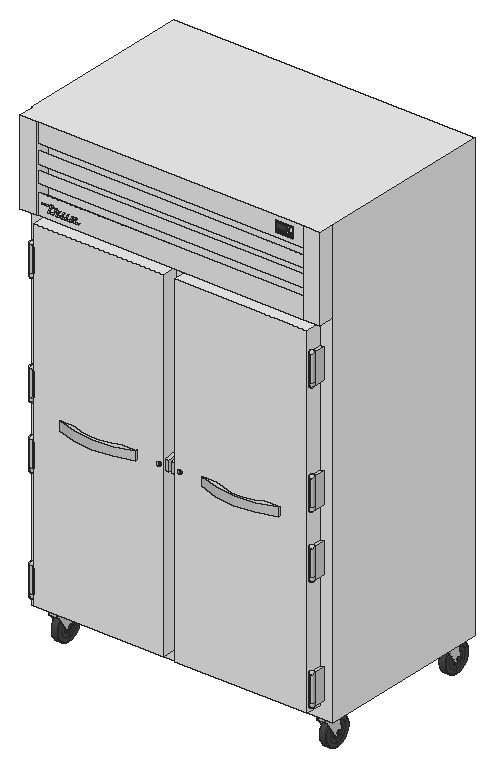
Revit family
Parameters
  Weight in Pounds = 0
  Watts = Volts * FL Amps  # 1334 W
  Volts = 115 V
  URL Cutsheet = "www.truemfg.com"
  URL = "www.truemfg.com"
  Type Mark [instance] = ""
  Type Comments = ""
  Status [instance] = ""
  Specification by User [instance] = ""
  Specification by Manufacturer = ""
  Show Seismic Flanged [instance] = no
  Show Logo [instance] = yes
  Show Legs [instance] = no
  Show Clearance [instance] = yes
  Serial Number = ""
  Seismic Rating = ""
  Seismic Plate [instance] = and(Show Seismic Flanged, not(Show Casters))  # no
  SMACNA No = ""
  Revision Code [instance] = ""
  Phase = 1
  Omniclass Number and Title = ""
  Number of Poles [instance] = 1
  NAFEM Spec ID Number = ""
  Model = "STA2DT-2S"
  Min Ckt Ampacity = 0 A
  Max Overcurrent Protection = 0 A
  Masterspec = ""
  Manufacturer = "TRUE FOOD SERVICE EQUIPMENT, INC."
  Length = 52 5/8"
  Legs [instance] = or(Show Legs, Show Seismic Flanged)  # no
  Item Number [instance] = ""
  Installed By [instance] = ""
  Identify Quantity as Lot [instance] = yes
  Height = 77 3/4"
  HP = ""
  Furnished By [instance] = ""
  Foodservice Equipment Identifier [instance] = yes
  FL Amps = 11.6 A
  Electrical Remarks [instance] = ""
  Electric Connection Type [instance] = ""
  Elec Conn RI Height [instance] = 0"
  Elec Conn Connection Height [instance] = 0"
  Description = "Reach-in Solid Swing Door Dual Temperature Refrigerator/Freezer"
  Depth = 33 3/4"
  Cycle = 60 Hz
  Conn Plug = "5-20P"
  Conn Conduit = yes
  Show Casters [instance] = and(not(if(Show Legs, Show Legs, Show Legs)), not(if(Show Legs, Show Legs, Show Seismic Flanged)))  # yes
  CSI MasterFormat = ""
  CSI Master Format = ""
  Apparent Power = if(Phase = 3, Volts * FL Amps * 1.73, Volts * FL Amps)  # 1334 VA
Reference planes (in)
  plane 1 "BACK": y = 0
  plane 2: z = 0
  plane 3 "LEFT": x = 0
  plane 4 "RIGHT": x = 52.625
  plane 5 "FRONT": y = -33.75
  plane 6 "TOP": z = 84.125
  plane 7: z = 6.125
  plane 8: x = 26.3125
  plane 9: x = 3
  plane 10: x = 49.9375
  plane 11: y = -33.7042
  plane 12: x = 26.46875
Forms (in)
  Extrusion 1, solid, material "QF_Finishes_Chrome - Satin"
    sketch origin (0.05, 0, 0) x (1, 0, 0) y (0, 1, 0)
      loop
        line (-0.05, 0) -> (-0.05, -31) -> (2.35625, -31) -> (2.35625, 0) -> (-0.05, 0)
    from 6.125 to 84.125
  Extrusion 2, solid, material "QF_Finishes_Chrome - Satin"
    sketch origin (50.15, 0, 0) x (1, 0, 0) y (0, 1, 0)
      loop
        line (0.225, 0) -> (0.225, -31) -> (2.475, -31) -> (2.475, 0) -> (0.225, 0)
    from 6.125 to 84.125
  Extrusion 3, solid, material "QF_Finishes_Chrome - Satin"
    sketch origin (0, 0, 0) x (0, 1, 0) y (0, 0, 1)
      loop
        line (-33.7042, 69.5) -> (-31, 69.5) -> (-31, 6.125) -> (0, 6.125) -> (0, 84.125) -> (-33.7042, 84.125) -> (-33.7042, 80.78078) -> (-31.5, 79.21352) -> (-31.5, 78.09125) -> (-33.7042, 79.65851) -> (-33.7042, 77.5248) -> (-31.5, 75.95754) -> (-31.5, 74.99678) -> (-33.7042, 76.56404) -> (-33.7042, 74.46784) -> (-31.5, 72.90057) -> (-31.5, 71.625) -> (-33.7042, 73.19226) -> (-33.7042, 69.5)
    from 2.25 to 50.375
  Extrusion 4, solid, material "QF_Finishes_Chrome - Satin"
    sketch origin (0, 0, 0) x (1, 0, 0) y (0, 1, 0)
      loop
        line (52.54687, -31) -> (49.66032, -31) -> (49.66032, -33.75) -> (52.54687, -33.75) -> (52.54687, -31)
    from 69.5 to 84.125
  Extrusion 5, solid, material "QF_Finishes_Chrome - Satin"
    sketch origin (-50.125, 0, 0.25) x (1, 0, 0) y (0, 1, 0)
      loop
        line (53.20984, -31) -> (50.20312, -31) -> (50.20312, -33.75) -> (53.20984, -33.75) -> (53.20984, -31)
    from 69.25 to 83.875
  Extrusion 6, solid, material "QF_Finishes_Chrome - Satin"
    sketch origin (0, 0, -0.71875) x (1, 0, 0) y (0, 0, 1)
      loop
        line (2.4375, 68.6875) -> (2.4375, 8.75) -> (25.21875, 8.75) -> (25.21875, 68.6875) -> (2.4375, 68.6875)
      loop
        line (50.34375, 68.6875) -> (27.25, 68.6875) -> (27.25, 8.75) -> (50.34375, 8.75) -> (50.34375, 68.6875)
    from 31 to 33.75
  Extrusion 7, solid, material "QF_Finishes_Handrails and Railings"
    sketch origin (85.87188, -0.25, 26.49769) x (1, 0, 0) y (0, 1, 0)
      loop
        line (-53.875, -33.5) -> (-53.875, -33.7)
        arc (-53.875, -33.7) -> (-47.075, -35.14405) -> (-40.275, -33.7) r 16.7325
        line (-40.275, -33.7) -> (-40.275, -33.5) -> (-42.675, -33.5)
        arc (-42.675, -33.5) -> (-47.075, -34.65816) -> (-51.475, -33.5) r 8.93715
        line (-51.475, -33.5) -> (-53.875, -33.5)
    from 10.75231 to 12.25231
  Extrusion 8, solid, material "QF_Finishes_Handrails and Railings"
    sketch origin (1.75, 0, -2) x (1, 0, 0) y (0, 0, 1)
      loop
        circle (22.6875, 40.0625) r 0.35
      loop
        line (22.65235, 40.33635) -> (22.65235, 39.76895) -> (22.70785, 39.76895) -> (22.70785, 40.33635) -> (22.65235, 40.33635)
      loop
        circle (26.3125, 40.0625) r 0.35
      loop
        line (26.34765, 40.33635) -> (26.29215, 40.33635) -> (26.29215, 39.76895) -> (26.34765, 39.76895) -> (26.34765, 40.33635)
    from 33.5 to 33.83066
  Extrusion 9, solid, material "QF_Finishes_Handrails and Railings", visible <- "Show Logo"
    sketch origin (0.33478, 1.08173, -6.73143) x (1, 0, 0) y (0, 0, 1)
      loop
        line (3.61669, 78.46231) -> (3.51103, 78.23573) -> (4.91652, 78.23573)
        arc (4.91652, 78.23573) -> (4.94504, 78.18528) -> (4.91652, 78.13484) r 0.05887
        line (4.91652, 78.13484) -> (4.54994, 77.34872)
        arc (4.54994, 77.34872) -> (4.54676, 77.27591) -> (4.596, 77.22217) r 0.09523
        line (4.596, 77.22217) -> (5.49469, 77.22217)
        arc (5.49469, 77.22217) -> (5.60817, 77.25795) -> (5.68061, 77.35235) r 0.19785
        line (5.68061, 77.35235) -> (5.9691, 77.97101) -> (6.23415, 77.97101)
        arc (6.23415, 77.97101) -> (6.30369, 77.94543) -> (6.29362, 77.87203) r 0.05911
        line (6.29362, 77.87203) -> (6.05223, 77.35437)
        arc (6.05223, 77.35437) -> (6.05599, 77.2684) -> (6.12856, 77.22217) r 0.09318
        line (6.12856, 77.22217) -> (6.91823, 77.22217)
        arc (6.91823, 77.22217) -> (6.97874, 77.24419) -> (7.01093, 77.29995) r 0.09412
        arc (7.01093, 77.29995) -> (7.03371, 77.24495) -> (7.08871, 77.22217) r 0.07778
        line (7.08871, 77.22217) -> (7.58871, 77.22217)
        arc (7.58871, 77.22217) -> (7.64647, 77.23765) -> (7.68876, 77.27993) r 0.11552
        arc (7.68876, 77.27993) -> (7.709, 77.23106) -> (7.75787, 77.21081) r 0.06912
        line (7.75787, 77.21081) -> (8.4685, 77.21081)
        arc (8.4685, 77.21081) -> (8.52659, 77.23488) -> (8.55066, 77.29297) r 0.08216
        arc (8.55066, 77.29297) -> (8.60392, 77.23972) -> (8.67667, 77.22022) r 0.14551
        line (8.67667, 77.22022) -> (10.00783, 77.22022) -> (10.15571, 77.47634) -> (8.81303, 77.47634)
        arc (8.81303, 77.47634) -> (8.77597, 77.50204) -> (8.77459, 77.54711) r 0.05009
        line (8.77459, 77.54711) -> (8.79782, 77.59692)
        arc (8.79782, 77.59692) -> (8.83348, 77.64364) -> (8.88952, 77.66135) r 0.09747
        line (8.88952, 77.66135) -> (9.3211, 77.66135)
        arc (9.3211, 77.66135) -> (9.41425, 77.68631) -> (9.48244, 77.7545) r 0.1863
        line (9.48244, 77.7545) -> (9.60744, 77.97101)
        arc (9.60744, 77.97101) -> (9.60744, 78.08657) -> (9.50736, 78.14434) r 0.11556
        line (9.50736, 78.14434) -> (9.05187, 78.14434)
        arc (9.05187, 78.14434) -> (8.93575, 78.12462) -> (8.85474, 78.03912) r 0.18605
        line (8.85474, 78.03912) -> (8.63829, 77.57493)
        arc (8.63829, 77.57493) -> (8.5744, 77.49167) -> (8.47431, 77.46011) r 0.1745
        line (8.47431, 77.46011) -> (8.00184, 77.46011)
        arc (8.00184, 77.46011) -> (7.94528, 77.52184) -> (7.94893, 77.60548) r 0.10939
        line (7.94893, 77.60548) -> (8.2002, 78.14434) -> (8.04028, 78.14434) -> (7.77406, 77.57344)
        arc (7.77406, 77.57344) -> (7.72234, 77.50603) -> (7.6413, 77.48048) r 0.14128
        line (7.6413, 77.48048) -> (7.3155, 77.48048)
        arc (7.3155, 77.48048) -> (7.26044, 77.55223) -> (7.27225, 77.64189) r 0.11816
        line (7.27225, 77.64189) -> (7.50655, 78.14434) -> (7.34139, 78.14434) -> (7.07171, 77.566)
        arc (7.07171, 77.566) -> (7.0091, 77.50339) -> (6.92358, 77.48048) r 0.17104
        line (6.92358, 77.48048) -> (6.4518, 77.48048)
        arc (6.4518, 77.48048) -> (6.36707, 77.51999) -> (6.35892, 77.61313) r 0.0935
        line (6.35892, 77.61313) -> (6.51399, 77.94569) -> (6.7332, 77.94569)
        arc (6.7332, 77.94569) -> (6.7702, 78.05717) -> (6.84892, 78.14434) r 0.2857
        line (6.84892, 78.14434) -> (5.9923, 78.14434)
        arc (5.9923, 78.14434) -> (5.89711, 78.12324) -> (5.83123, 78.05135) r 0.16212
        line (5.83123, 78.05135) -> (5.59904, 77.55341)
        arc (5.59904, 77.55341) -> (5.54565, 77.50002) -> (5.47272, 77.48048) r 0.14586
        line (5.47272, 77.48048) -> (4.96131, 77.48048)
        arc (4.96131, 77.48048) -> (4.92139, 77.53442) -> (4.92899, 77.60109) r 0.09155
        line (4.92899, 77.60109) -> (5.26643, 78.23573) -> (6.1178, 78.23573) -> (6.22346, 78.46231) -> (5.37209, 78.46231) -> (5.47774, 78.68888) -> (5.17487, 78.68888) -> (5.06922, 78.46231) -> (3.61669, 78.46231)
      loop
        arc (8.9943, 77.93863) -> (8.95744, 77.92875) -> (8.93045, 77.90176) r 0.07373
        line (8.93045, 77.90176) -> (8.90854, 77.83436)
        arc (8.90854, 77.83436) -> (8.9187, 77.80983) -> (8.94324, 77.79966) r 0.0347
        line (8.94324, 77.79966) -> (9.31573, 77.79966)
        arc (9.31573, 77.79966) -> (9.34257, 77.80561) -> (9.36437, 77.82234) r 0.0635
        line (9.36437, 77.82234) -> (9.38249, 77.90622)
        arc (9.38249, 77.90622) -> (9.37716, 77.92868) -> (9.35634, 77.93863) r 0.02676
        line (9.35634, 77.93863) -> (8.9943, 77.93863)
    from 34.76797 to 34.83173
  Extrusion 10, solid
    sketch origin (0, 0, 0) x (1, 0, 0) y (0, 0, 1)
      loop
        circle (49.53125, 82) r 0.25
    from 0 to 0.0625
  Extrusion 11, solid, material "QF_Finishes_Handrails and Railings"
    sketch origin (-33.24688, -0.25, 26.37269) x (1, 0, 0) y (0, 1, 0)
      loop
        line (53.71875, -33.5) -> (51.31875, -33.5)
        arc (51.31875, -33.5) -> (47.075, -34.58228) -> (42.83125, -33.5) r 8.86127
        line (42.83125, -33.5) -> (40.43125, -33.5) -> (40.43125, -33.7)
        arc (40.43125, -33.7) -> (47.075, -35.08117) -> (53.71875, -33.7) r 16.66961
        line (53.71875, -33.7) -> (53.71875, -33.5)
    from 10.87731 to 12.37731
  Blend 12, solid, material "QF_Finishes_Handrails and Railings"
    base sketch origin (-0.03125, 0, 0) x (1, 0, 0) y (0, 0, 1)
      loop
        line (25.25, 38.99169) -> (25.25, 37.24169) -> (26, 37.24169) -> (26, 38.99169) -> (25.25, 38.99169)
    top sketch origin (-0.03125, 0, 0) x (1, 0, 0) y (0, 0, 1)
      loop
        line (26.18223, 36.6441) -> (26.18223, 39.42643) -> (25.25, 39.42643) -> (25.25, 36.6441) -> (26.18223, 36.6441)
    from 33.57883 to 31
  Blend 13, solid, material "QF_Finishes_Handrails and Railings"
    base sketch origin (52.5, 0, 0) x (-1, 0, 0) y (0, 0, -1)
      loop
        line (25.25, -38.99169) -> (26, -38.99169) -> (26, -37.24169) -> (25.25, -37.24169) -> (25.25, -38.99169)
    top sketch origin (52.5, 0, 0) x (-1, 0, 0) y (0, 0, -1)
      loop
        line (26.18223, -36.6441) -> (25.25, -36.6441) -> (25.25, -39.42643) -> (26.18223, -39.42643) -> (26.18223, -36.6441)
    from 33.57883 to 31
  Extrusion 14, solid, material "QF_Finishes_Handrails and Railings"
    sketch origin (1.28125, 0, 0) x (0, 1, 0) y (0, 0, 1)
      loop
        line (-31, 64.55229) -> (-32.61044, 64.55229)
        arc (-32.61044, 64.55229) -> (-32.75506, 64.49238) -> (-32.81497, 64.34776) r 0.20453
        line (-32.81497, 64.34776) -> (-32.81497, 59.94848) -> (-33.25, 59.94848) -> (-33.25, 59.23627) -> (-31, 59.23627) -> (-31, 64.55229)
    from 0.17506 to 1
  Revolve 15, solid, material "QF_Finishes_Handrails and Railings"
    sketch origin (1.78125, 0, 0) x (0, 1, 0) y (0, 0, 1)
      loop
        line (-33.26563, 60.00189) -> (-33.26563, 64.81483)
        arc (-33.26563, 64.81483) -> (-33.53722, 64.72557) -> (-33.67229, 64.4736) r 0.3848
        line (-33.67229, 64.4736) -> (-33.67229, 60.00189) -> (-33.26563, 60.00189)
      loop
        line (-33.26563, 59.94848) -> (-33.67229, 59.94848) -> (-33.67229, 59.37712)
        arc (-33.67229, 59.37712) -> (-33.53264, 59.13383) -> (-33.26563, 59.04781) r 0.38884
        line (-33.26563, 59.04781) -> (-33.26563, 59.94848)
      axis (-33.26563, 59.04781) -> (-33.26563, 64.81483)
    angle from 0 to 360
  Extrusion 16, solid, material "QF_Finishes_Handrails and Railings"
    sketch origin (-0.03125, 0, 0) x (1, 0, 0) y (0, 0, 1)
      loop
        line (2.07116, 64.4736) -> (2.07116, 60.00079) -> (2.46875, 60.00079) -> (2.46875, 64.4736) -> (2.07116, 64.4736)
    from 32.81497 to 33.59495
  Extrusion 17, solid, material "QF_Finishes_Handrails and Railings"
    sketch origin (1.28125, 0, -19.5) x (0, 1, 0) y (0, 0, 1)
      loop
        line (-31, 64.55229) -> (-32.61044, 64.55229)
        arc (-32.61044, 64.55229) -> (-32.75506, 64.49238) -> (-32.81497, 64.34776) r 0.20453
        line (-32.81497, 64.34776) -> (-32.81497, 59.94848) -> (-33.25, 59.94848) -> (-33.25, 59.23627) -> (-31, 59.23627) -> (-31, 64.55229)
    from 0.17506 to 1
  Revolve 18, solid, material "QF_Finishes_Handrails and Railings"
    sketch origin (1.78125, 0, -19.5) x (0, 1, 0) y (0, 0, 1)
      loop
        line (-33.26563, 60.00189) -> (-33.26563, 64.81483)
        arc (-33.26563, 64.81483) -> (-33.53722, 64.72557) -> (-33.67229, 64.4736) r 0.3848
        line (-33.67229, 64.4736) -> (-33.67229, 60.00189) -> (-33.26563, 60.00189)
      loop
        line (-33.26563, 59.94848) -> (-33.67229, 59.94848) -> (-33.67229, 59.37712)
        arc (-33.67229, 59.37712) -> (-33.53264, 59.13383) -> (-33.26563, 59.04781) r 0.38884
        line (-33.26563, 59.04781) -> (-33.26563, 59.94848)
      axis (-33.26563, 59.04781) -> (-33.26563, 64.81483)
    angle from 0 to 360
  Extrusion 19, solid, material "QF_Finishes_Handrails and Railings"
    sketch origin (-0.03125, 0, -19.5) x (1, 0, 0) y (0, 0, 1)
      loop
        line (2.07116, 64.4736) -> (2.07116, 60.00079) -> (2.46875, 60.00079) -> (2.46875, 64.4736) -> (2.07116, 64.4736)
    from 32.81497 to 33.59495
  Extrusion 20, solid, material "QF_Finishes_Handrails and Railings"
    sketch origin (1.28125, 0, -30.5) x (0, 1, 0) y (0, 0, 1)
      loop
        line (-31, 64.55229) -> (-32.61044, 64.55229)
        arc (-32.61044, 64.55229) -> (-32.75506, 64.49238) -> (-32.81497, 64.34776) r 0.20453
        line (-32.81497, 64.34776) -> (-32.81497, 59.94848) -> (-33.25, 59.94848) -> (-33.25, 59.23627) -> (-31, 59.23627) -> (-31, 64.55229)
    from 0.17506 to 1
  Revolve 21, solid, material "QF_Finishes_Handrails and Railings"
    sketch origin (1.78125, 0, -30.5) x (0, 1, 0) y (0, 0, 1)
      loop
        line (-33.26563, 60.00189) -> (-33.26563, 64.81483)
        arc (-33.26563, 64.81483) -> (-33.53722, 64.72557) -> (-33.67229, 64.4736) r 0.3848
        line (-33.67229, 64.4736) -> (-33.67229, 60.00189) -> (-33.26563, 60.00189)
      loop
        line (-33.26563, 59.94848) -> (-33.67229, 59.94848) -> (-33.67229, 59.37712)
        arc (-33.67229, 59.37712) -> (-33.53264, 59.13383) -> (-33.26563, 59.04781) r 0.38884
        line (-33.26563, 59.04781) -> (-33.26563, 59.94848)
      axis (-33.26563, 59.04781) -> (-33.26563, 64.81483)
    angle from 0 to 360
  Extrusion 22, solid, material "QF_Finishes_Handrails and Railings"
    sketch origin (-0.03125, 0, -30.5) x (1, 0, 0) y (0, 0, 1)
      loop
        line (2.07116, 64.4736) -> (2.07116, 60.00079) -> (2.46875, 60.00079) -> (2.46875, 64.4736) -> (2.07116, 64.4736)
    from 32.81497 to 33.59495
  Extrusion 23, solid, material "QF_Finishes_Handrails and Railings"
    sketch origin (1.28125, 0, -50.25) x (0, 1, 0) y (0, 0, 1)
      loop
        line (-31, 64.55229) -> (-32.61044, 64.55229)
        arc (-32.61044, 64.55229) -> (-32.75506, 64.49238) -> (-32.81497, 64.34776) r 0.20453
        line (-32.81497, 64.34776) -> (-32.81497, 59.94848) -> (-33.25, 59.94848) -> (-33.25, 59.23627) -> (-31, 59.23627) -> (-31, 64.55229)
    from 0.17506 to 1
  Revolve 24, solid, material "QF_Finishes_Handrails and Railings"
    sketch origin (1.78125, 0, -50.25) x (0, 1, 0) y (0, 0, 1)
      loop
        line (-33.26563, 60.00189) -> (-33.26563, 64.81483)
        arc (-33.26563, 64.81483) -> (-33.53722, 64.72557) -> (-33.67229, 64.4736) r 0.3848
        line (-33.67229, 64.4736) -> (-33.67229, 60.00189) -> (-33.26563, 60.00189)
      loop
        line (-33.26563, 59.94848) -> (-33.67229, 59.94848) -> (-33.67229, 59.37712)
        arc (-33.67229, 59.37712) -> (-33.53264, 59.13383) -> (-33.26563, 59.04781) r 0.38884
        line (-33.26563, 59.04781) -> (-33.26563, 59.94848)
      axis (-33.26563, 59.04781) -> (-33.26563, 64.81483)
    angle from 0 to 360
  Extrusion 25, solid, material "QF_Finishes_Handrails and Railings"
    sketch origin (-0.03125, 0, -50.25) x (1, 0, 0) y (0, 0, 1)
      loop
        line (2.07116, 64.4736) -> (2.07116, 60.00079) -> (2.46875, 60.00079) -> (2.46875, 64.4736) -> (2.07116, 64.4736)
    from 32.81497 to 33.59495
  Extrusion 26, solid, material "QF_Finishes_Handrails and Railings"
    sketch origin (51.1875, 0, 0) x (0, 1, 0) y (0, 0, -1)
      loop
        line (-31, -64.55229) -> (-31, -59.23627) -> (-33.25, -59.23627) -> (-33.25, -59.94848) -> (-32.81497, -59.94848) -> (-32.81497, -64.34776)
        arc (-32.81497, -64.34776) -> (-32.75506, -64.49238) -> (-32.61044, -64.55229) r 0.20453
        line (-32.61044, -64.55229) -> (-31, -64.55229)
    from 0.17506 to 1
  Revolve 27, solid, material "QF_Finishes_Handrails and Railings"
    sketch origin (50.6875, 0, 0) x (0, 1, 0) y (0, 0, -1)
      loop
        line (-33.26563, -60.00189) -> (-33.67229, -60.00189) -> (-33.67229, -64.4736)
        arc (-33.67229, -64.4736) -> (-33.53722, -64.72557) -> (-33.26563, -64.81483) r 0.3848
        line (-33.26563, -64.81483) -> (-33.26563, -60.00189)
      loop
        line (-33.26563, -59.94848) -> (-33.26563, -59.04781)
        arc (-33.26563, -59.04781) -> (-33.53264, -59.13383) -> (-33.67229, -59.37712) r 0.38884
        line (-33.67229, -59.37712) -> (-33.67229, -59.94848) -> (-33.26563, -59.94848)
      axis (-33.26563, -59.04781) -> (-33.26563, -64.81483)
    angle from 0 to 360
  Extrusion 28, solid, material "QF_Finishes_Handrails and Railings"
    sketch origin (52.5, 0, 0) x (-1, 0, 0) y (0, 0, -1)
      loop
        line (1.75866, -64.4736) -> (2.15625, -64.4736) -> (2.15625, -60.00079) -> (1.75866, -60.00079) -> (1.75866, -64.4736)
    from 32.81497 to 33.59495
  Extrusion 29, solid, material "QF_Finishes_Handrails and Railings"
    sketch origin (51.1875, 0, -19.5) x (0, 1, 0) y (0, 0, -1)
      loop
        line (-31, -64.55229) -> (-31, -59.23627) -> (-33.25, -59.23627) -> (-33.25, -59.94848) -> (-32.81497, -59.94848) -> (-32.81497, -64.34776)
        arc (-32.81497, -64.34776) -> (-32.75506, -64.49238) -> (-32.61044, -64.55229) r 0.20453
        line (-32.61044, -64.55229) -> (-31, -64.55229)
    from 0.17506 to 1
  Revolve 30, solid, material "QF_Finishes_Handrails and Railings"
    sketch origin (50.6875, 0, -19.5) x (0, 1, 0) y (0, 0, -1)
      loop
        line (-33.26563, -60.00189) -> (-33.67229, -60.00189) -> (-33.67229, -64.4736)
        arc (-33.67229, -64.4736) -> (-33.53722, -64.72557) -> (-33.26563, -64.81483) r 0.3848
        line (-33.26563, -64.81483) -> (-33.26563, -60.00189)
      loop
        line (-33.26563, -59.94848) -> (-33.26563, -59.04781)
        arc (-33.26563, -59.04781) -> (-33.53264, -59.13383) -> (-33.67229, -59.37712) r 0.38884
        line (-33.67229, -59.37712) -> (-33.67229, -59.94848) -> (-33.26563, -59.94848)
      axis (-33.26563, -59.04781) -> (-33.26563, -64.81483)
    angle from 0 to 360
  Extrusion 31, solid, material "QF_Finishes_Handrails and Railings"
    sketch origin (52.5, 0, -19.5) x (-1, 0, 0) y (0, 0, -1)
      loop
        line (1.75866, -64.4736) -> (2.15625, -64.4736) -> (2.15625, -60.00079) -> (1.75866, -60.00079) -> (1.75866, -64.4736)
    from 32.81497 to 33.59495
  Extrusion 32, solid, material "QF_Finishes_Handrails and Railings"
    sketch origin (51.1875, 0, -30.5) x (0, 1, 0) y (0, 0, -1)
      loop
        line (-31, -64.55229) -> (-31, -59.23627) -> (-33.25, -59.23627) -> (-33.25, -59.94848) -> (-32.81497, -59.94848) -> (-32.81497, -64.34776)
        arc (-32.81497, -64.34776) -> (-32.75506, -64.49238) -> (-32.61044, -64.55229) r 0.20453
        line (-32.61044, -64.55229) -> (-31, -64.55229)
    from 0.17506 to 1
  Revolve 33, solid, material "QF_Finishes_Handrails and Railings"
    sketch origin (50.6875, 0, -30.5) x (0, 1, 0) y (0, 0, -1)
      loop
        line (-33.26563, -60.00189) -> (-33.67229, -60.00189) -> (-33.67229, -64.4736)
        arc (-33.67229, -64.4736) -> (-33.53722, -64.72557) -> (-33.26563, -64.81483) r 0.3848
        line (-33.26563, -64.81483) -> (-33.26563, -60.00189)
      loop
        line (-33.26563, -59.94848) -> (-33.26563, -59.04781)
        arc (-33.26563, -59.04781) -> (-33.53264, -59.13383) -> (-33.67229, -59.37712) r 0.38884
        line (-33.67229, -59.37712) -> (-33.67229, -59.94848) -> (-33.26563, -59.94848)
      axis (-33.26563, -59.04781) -> (-33.26563, -64.81483)
    angle from 0 to 360
  Extrusion 34, solid, material "QF_Finishes_Handrails and Railings"
    sketch origin (52.5, 0, -30.5) x (-1, 0, 0) y (0, 0, -1)
      loop
        line (1.75866, -64.4736) -> (2.15625, -64.4736) -> (2.15625, -60.00079) -> (1.75866, -60.00079) -> (1.75866, -64.4736)
    from 32.81497 to 33.59495
  Extrusion 35, solid, material "QF_Finishes_Handrails and Railings"
    sketch origin (51.1875, 0, -50.25) x (0, 1, 0) y (0, 0, -1)
      loop
        line (-31, -64.55229) -> (-31, -59.23627) -> (-33.25, -59.23627) -> (-33.25, -59.94848) -> (-32.81497, -59.94848) -> (-32.81497, -64.34776)
        arc (-32.81497, -64.34776) -> (-32.75506, -64.49238) -> (-32.61044, -64.55229) r 0.20453
        line (-32.61044, -64.55229) -> (-31, -64.55229)
    from 0.17506 to 1
  Revolve 36, solid, material "QF_Finishes_Handrails and Railings"
    sketch origin (50.6875, 0, -50.25) x (0, 1, 0) y (0, 0, -1)
      loop
        line (-33.26563, -60.00189) -> (-33.67229, -60.00189) -> (-33.67229, -64.4736)
        arc (-33.67229, -64.4736) -> (-33.53722, -64.72557) -> (-33.26563, -64.81483) r 0.3848
        line (-33.26563, -64.81483) -> (-33.26563, -60.00189)
      loop
        line (-33.26563, -59.94848) -> (-33.26563, -59.04781)
        arc (-33.26563, -59.04781) -> (-33.53264, -59.13383) -> (-33.67229, -59.37712) r 0.38884
        line (-33.67229, -59.37712) -> (-33.67229, -59.94848) -> (-33.26563, -59.94848)
      axis (-33.26563, -59.04781) -> (-33.26563, -64.81483)
    angle from 0 to 360
  Extrusion 37, solid, material "QF_Finishes_Handrails and Railings"
    sketch origin (52.5, 0, -50.25) x (-1, 0, 0) y (0, 0, -1)
      loop
        line (1.75866, -64.4736) -> (2.15625, -64.4736) -> (2.15625, -60.00079) -> (1.75866, -60.00079) -> (1.75866, -64.4736)
    from 32.81497 to 33.59495
  Revolve 38, solid, material "QF_Finishes_Black", visible <- "Show Casters"
    sketch origin (47.78125, -27.375, 0) x (1, 0, 0) y (0, 0, 1)
      loop
        line (1.63125, 5) -> (1.53125, 4.9) -> (1.53125, 4.29941) -> (1.69226, 4.29941) -> (1.69226, 3.54941) -> (1.53125, 3.54941) -> (1.53125, 2.79941) -> (1.13125, 2.79941) -> (1.13125, 2.5) -> (3.18125, 2.5) -> (3.18125, 2.79941) -> (2.78533, 2.79941) -> (2.78533, 3.54941) -> (2.62024, 3.54941) -> (2.62024, 4.29941) -> (2.78533, 4.29941) -> (2.78533, 4.89592) -> (2.68125, 5) -> (1.63125, 5)
      axis (3.18125, 2.5) -> (1.13125, 2.5)
    angle from 0 to 360
  Extrusion 39, solid, material "QF_Finishes_Handrails and Railings", visible <- "Show Casters"
    sketch origin (47.78125, 0, 0) x (0, 1, 0) y (0, 0, 1)
      loop
        line (-29.95136, 5.48574) -> (-29.95136, 4.88089) -> (-29.70136, 4.88089) -> (-27.95216, 2.18736)
        arc (-27.95216, 2.18736) -> (-27.23883, 1.94868) -> (-26.84581, 2.59003) r 0.60416
        line (-26.84581, 2.59003) -> (-27.20136, 5.48574) -> (-29.95136, 5.48574)
      loop
        line (-3.8577, 5.48574) -> (-3.8577, 4.88089) -> (-3.6077, 4.88089) -> (-1.8585, 2.18736)
        arc (-1.8585, 2.18736) -> (-1.14517, 1.94868) -> (-0.75215, 2.59003) r 0.60416
        line (-0.75215, 2.59003) -> (-1.1077, 5.48574) -> (-3.8577, 5.48574)
    from 1.175 to 1.325
  Extrusion 40, solid, material "QF_Finishes_Handrails and Railings", visible <- "Show Casters"
    sketch origin (49.28125, 0, 0) x (0, 1, 0) y (0, 0, 1)
      loop
        line (-29.95136, 5.48574) -> (-29.95136, 4.88089) -> (-29.70136, 4.88089) -> (-27.95216, 2.18736)
        arc (-27.95216, 2.18736) -> (-27.23883, 1.94868) -> (-26.84581, 2.59003) r 0.60416
        line (-26.84581, 2.59003) -> (-27.20136, 5.48574) -> (-29.95136, 5.48574)
      loop
        line (-3.8577, 5.48574) -> (-3.8577, 4.88089) -> (-3.6077, 4.88089) -> (-1.8585, 2.18736)
        arc (-1.8585, 2.18736) -> (-1.14517, 1.94868) -> (-0.75215, 2.59003) r 0.60416
        line (-0.75215, 2.59003) -> (-1.1077, 5.48574) -> (-3.8577, 5.48574)
    from 1.175 to 1.325
  Revolve 41, solid, material "QF_Finishes_Chrome - Satin", visible <- "Show Casters"
    sketch origin (47.78125, -28.5625, -0.5) x (1, 0, 0) y (0, 0, 1)
      loop
        line (2.15625, 5.99546) -> (2.15625, 6.62359) -> (0.85918, 6.62359) -> (0.85918, 5.99546) -> (2.15625, 5.99546)
      axis (2.15625, 5.99546) -> (2.15625, 6.62359)
    angle from 0 to 360
  Revolve 42, solid, material "QF_Finishes_Chrome - Satin", visible <- "Legs"
    sketch origin (47.78125, -2.69102, 0) x (1, 0, 0) y (0, 0, 1)
      loop
        line (2.15625, 6.125) -> (0.82287, 6.125) -> (1.40625, 1) -> (1.65625, 1) -> (1.65625, 0) -> (2.15625, 0) -> (2.15625, 6.125)
      axis (2.15625, 0) -> (2.15625, 6.125)
    angle from 0 to 360
  Revolve 43, solid, material "QF_Finishes_Chrome - Satin", visible <- "Legs"
    sketch origin (47.78125, -28.65977, 0) x (1, 0, 0) y (0, 0, 1)
      loop
        line (2.15625, 6.125) -> (0.82287, 6.125) -> (1.40625, 1) -> (1.65625, 1) -> (1.65625, 0) -> (2.15625, 0) -> (2.15625, 6.125)
      axis (2.15625, 0) -> (2.15625, 6.125)
    angle from 0 to 360
  Revolve 44, solid, material "QF_Finishes_Chrome - Satin", visible <- "Show Casters"
    sketch origin (47.78125, -2.70321, -0.5) x (1, 0, 0) y (0, 0, 1)
      loop
        line (2.15625, 5.99546) -> (2.15625, 6.62359) -> (0.85918, 6.62359) -> (0.85918, 5.99546) -> (2.15625, 5.99546)
      axis (2.15625, 5.99546) -> (2.15625, 6.62359)
    angle from 0 to 360
  Extrusion 45, solid, material "QF_Finishes_Handrails and Railings", visible <- "Show Casters"
    sketch origin (0, 0, 0) x (0, 1, 0) y (0, 0, 1)
      loop
        line (-29.95136, 5.48574) -> (-29.95136, 4.88089) -> (-29.70136, 4.88089) -> (-27.16533, 5.19227) -> (-27.20136, 5.48574) -> (-29.95136, 5.48574)
      loop
        line (-3.8577, 5.48574) -> (-3.8577, 4.88089) -> (-3.6077, 4.88089) -> (-1.07167, 5.19227) -> (-1.1077, 5.48574) -> (-3.8577, 5.48574)
    from 49.10625 to 50.45625
  Revolve 46, solid, material "QF_Finishes_Black", visible <- "Show Casters"
    sketch origin (47.78125, -1.21875, 0) x (1, 0, 0) y (0, 0, 1)
      loop
        line (1.63125, 5) -> (1.53125, 4.9) -> (1.53125, 4.29941) -> (1.69226, 4.29941) -> (1.69226, 3.54941) -> (1.53125, 3.54941) -> (1.53125, 2.79941) -> (1.13125, 2.79941) -> (1.13125, 2.5) -> (3.18125, 2.5) -> (3.18125, 2.79941) -> (2.78533, 2.79941) -> (2.78533, 3.54941) -> (2.62024, 3.54941) -> (2.62024, 4.29941) -> (2.78533, 4.29941) -> (2.78533, 4.89592) -> (2.68125, 5) -> (1.63125, 5)
      axis (3.18125, 2.5) -> (1.13125, 2.5)
    angle from 0 to 360
  Revolve 47, solid, material "QF_Finishes_Black", visible <- "Show Casters"
    sketch origin (0.84375, -27.375, 0) x (1, 0, 0) y (0, 0, 1)
      loop
        line (1.63125, 5) -> (1.53125, 4.9) -> (1.53125, 4.29941) -> (1.69226, 4.29941) -> (1.69226, 3.54941) -> (1.53125, 3.54941) -> (1.53125, 2.79941) -> (0.975, 2.79941) -> (0.975, 2.5) -> (3.18125, 2.5) -> (3.18125, 2.79941) -> (2.78533, 2.79941) -> (2.78533, 3.54941) -> (2.62024, 3.54941) -> (2.62024, 4.29941) -> (2.78533, 4.29941) -> (2.78533, 4.89592) -> (2.68125, 5) -> (1.63125, 5)
      axis (3.18125, 2.5) -> (0.975, 2.5)
    angle from 0 to 360
  Extrusion 48, solid, material "QF_Finishes_Handrails and Railings", visible <- "Show Casters"
    sketch origin (0.84375, 0, 0) x (0, 1, 0) y (0, 0, 1)
      loop
        line (-29.95136, 5.48574) -> (-29.95136, 4.88089) -> (-29.70136, 4.88089) -> (-27.95216, 2.18736)
        arc (-27.95216, 2.18736) -> (-27.23883, 1.94868) -> (-26.84581, 2.59003) r 0.60416
        line (-26.84581, 2.59003) -> (-27.20136, 5.48574) -> (-29.95136, 5.48574)
      loop
        line (-3.8577, 5.48574) -> (-3.8577, 4.88089) -> (-3.6077, 4.88089) -> (-1.8585, 2.18736)
        arc (-1.8585, 2.18736) -> (-1.14517, 1.94868) -> (-0.75215, 2.59003) r 0.60416
        line (-0.75215, 2.59003) -> (-1.1077, 5.48574) -> (-3.8577, 5.48574)
    from 1.175 to 1.325
  Extrusion 49, solid, material "QF_Finishes_Handrails and Railings", visible <- "Show Casters"
    sketch origin (2.34375, 0, 0) x (0, 1, 0) y (0, 0, 1)
      loop
        line (-29.95136, 5.48574) -> (-29.95136, 4.88089) -> (-29.70136, 4.88089) -> (-27.95216, 2.18736)
        arc (-27.95216, 2.18736) -> (-27.23883, 1.94868) -> (-26.84581, 2.59003) r 0.60416
        line (-26.84581, 2.59003) -> (-27.20136, 5.48574) -> (-29.95136, 5.48574)
      loop
        line (-3.8577, 5.48574) -> (-3.8577, 4.88089) -> (-3.6077, 4.88089) -> (-1.8585, 2.18736)
        arc (-1.8585, 2.18736) -> (-1.14517, 1.94868) -> (-0.75215, 2.59003) r 0.60416
        line (-0.75215, 2.59003) -> (-1.1077, 5.48574) -> (-3.8577, 5.48574)
    from 1.175 to 1.325
  Revolve 50, solid, material "QF_Finishes_Chrome - Satin", visible <- "Show Casters"
    sketch origin (0.84375, -28.5625, -0.5) x (1, 0, 0) y (0, 0, 1)
      loop
        line (2.15625, 5.99546) -> (2.15625, 6.62359) -> (0.85918, 6.62359) -> (0.85918, 5.99546) -> (2.15625, 5.99546)
      axis (2.15625, 5.99546) -> (2.15625, 6.62359)
    angle from 0 to 360
  Revolve 51, solid, material "QF_Finishes_Chrome - Satin", visible <- "Legs"
    sketch origin (0.84375, -2.69102, 0) x (1, 0, 0) y (0, 0, 1)
      loop
        line (2.15625, 6.125) -> (0.82287, 6.125) -> (1.40625, 1) -> (1.65625, 1) -> (1.65625, 0) -> (2.15625, 0) -> (2.15625, 6.125)
      axis (2.15625, 0) -> (2.15625, 6.125)
    angle from 0 to 360
  Revolve 52, solid, material "QF_Finishes_Chrome - Satin", visible <- "Legs"
    sketch origin (0.84375, -28.65977, 0) x (1, 0, 0) y (0, 0, 1)
      loop
        line (2.15625, 6.125) -> (0.82287, 6.125) -> (1.40625, 1) -> (1.65625, 1) -> (1.65625, 0) -> (2.15625, 0) -> (2.15625, 6.125)
      axis (2.15625, 0) -> (2.15625, 6.125)
    angle from 0 to 360
  Revolve 53, solid, material "QF_Finishes_Chrome - Satin", visible <- "Show Casters"
    sketch origin (0.84375, -2.70321, -0.5) x (1, 0, 0) y (0, 0, 1)
      loop
        line (2.15625, 5.99546) -> (2.15625, 6.62359) -> (0.85918, 6.62359) -> (0.85918, 5.99546) -> (2.15625, 5.99546)
      axis (2.15625, 5.99546) -> (2.15625, 6.62359)
    angle from 0 to 360
  Extrusion 54, solid, material "QF_Finishes_Handrails and Railings", visible <- "Show Casters"
    sketch origin (-46.9375, 0, 0) x (0, 1, 0) y (0, 0, 1)
      loop
        line (-29.95136, 5.48574) -> (-29.95136, 4.88089) -> (-29.70136, 4.88089) -> (-27.16533, 5.19227) -> (-27.20136, 5.48574) -> (-29.95136, 5.48574)
      loop
        line (-3.8577, 5.48574) -> (-3.8577, 4.88089) -> (-3.6077, 4.88089) -> (-1.07167, 5.19227) -> (-1.1077, 5.48574) -> (-3.8577, 5.48574)
    from 49.10625 to 50.45625
  Revolve 55, solid, material "QF_Finishes_Black", visible <- "Show Casters"
    sketch origin (0.84375, -1.21875, 0) x (1, 0, 0) y (0, 0, 1)
      loop
        line (1.63125, 5) -> (1.53125, 4.9) -> (1.53125, 4.29941) -> (1.69226, 4.29941) -> (1.69226, 3.54941) -> (1.53125, 3.54941) -> (1.53125, 2.79941) -> (0.975, 2.79941) -> (0.975, 2.5) -> (3.18125, 2.5) -> (3.18125, 2.79941) -> (2.78533, 2.79941) -> (2.78533, 3.54941) -> (2.62024, 3.54941) -> (2.62024, 4.29941) -> (2.78533, 4.29941) -> (2.78533, 4.89592) -> (2.68125, 5) -> (1.63125, 5)
      axis (3.18125, 2.5) -> (0.975, 2.5)
    angle from 0 to 360
  Extrusion 56, solid, material "QF_Finishes_White"
    sketch origin (1.49925, 1.06376, 1.58022) x (1, 0, 0) y (0, 0, 1)
      loop
        line (43.31732, 81.73227) -> (43.31732, 79.98496) -> (46.22357, 79.98496) -> (46.22357, 81.73227) -> (43.31732, 81.73227)
    from 34.75 to 34.76797
  Extrusion 57, solid, material "QF_Finishes_Black"
    sketch origin (1.49925, 1.06376, 1.58022) x (1, 0, 0) y (0, 0, 1)
      loop
        line (46.28607, 81.79477) -> (43.25482, 81.79477) -> (43.25482, 79.92246) -> (46.28607, 79.92246) -> (46.28607, 81.79477)
      loop
        spline (43.45482, 80.25372) -> (43.46333, 80.23754) -> (43.48831, 80.22247) -> (43.52804, 80.20952) -> (43.57982, 80.19959) -> (43.64011, 80.19335) -> (43.70482, 80.19122) -> (43.76952, 80.19335) -> (43.82982, 80.19959) -> (43.88159, 80.20952) -> (43.92132, 80.22247) -> (43.9463, 80.23754) -> (43.95482, 80.25372)
        spline (43.95482, 80.25372) -> (43.9463, 80.26989) -> (43.92132, 80.28497) -> (43.88159, 80.29791) -> (43.82982, 80.30784) -> (43.76952, 80.31409) -> (43.70482, 80.31622) -> (43.64011, 80.31409) -> (43.57982, 80.30784) -> (43.52804, 80.29791) -> (43.48831, 80.28497) -> (43.46333, 80.26989) -> (43.45482, 80.25372)
      loop
        spline (44.15083, 80.25372) -> (44.15935, 80.23754) -> (44.18432, 80.22247) -> (44.22405, 80.20952) -> (44.27583, 80.19959) -> (44.33612, 80.19335) -> (44.40083, 80.19122) -> (44.46553, 80.19335) -> (44.52583, 80.19959) -> (44.57761, 80.20952) -> (44.61734, 80.22247) -> (44.64231, 80.23754) -> (44.65083, 80.25372)
        spline (44.65083, 80.25372) -> (44.64231, 80.26989) -> (44.61734, 80.28497) -> (44.57761, 80.29791) -> (44.52583, 80.30784) -> (44.46553, 80.31409) -> (44.40083, 80.31622) -> (44.33612, 80.31409) -> (44.27583, 80.30784) -> (44.22405, 80.29791) -> (44.18432, 80.28497) -> (44.15935, 80.26989) -> (44.15083, 80.25372)
      loop
        spline (44.90083, 80.25372) -> (44.90935, 80.23754) -> (44.93432, 80.22247) -> (44.97405, 80.20952) -> (45.02583, 80.19959) -> (45.08612, 80.19335) -> (45.15083, 80.19122) -> (45.21553, 80.19335) -> (45.27583, 80.19959) -> (45.32761, 80.20952) -> (45.36734, 80.22247) -> (45.39231, 80.23754) -> (45.40083, 80.25372)
        spline (45.40083, 80.25372) -> (45.39231, 80.26989) -> (45.36734, 80.28497) -> (45.32761, 80.29791) -> (45.27583, 80.30784) -> (45.21553, 80.31409) -> (45.15083, 80.31622) -> (45.08612, 80.31409) -> (45.02583, 80.30784) -> (44.97405, 80.29791) -> (44.93432, 80.28497) -> (44.90935, 80.26989) -> (44.90083, 80.25372)
      loop
        line (43.45481, 81.59478) -> (43.45481, 80.59478) -> (45.15433, 80.59478) -> (45.15433, 81.59478) -> (43.45481, 81.59478)
      loop
        line (46.22357, 81.73227) -> (43.31732, 81.73227) -> (43.31732, 79.98496) -> (46.22357, 79.98496) -> (46.22357, 81.73227)
      loop
        spline (45.65083, 80.25372) -> (45.65935, 80.23754) -> (45.68432, 80.22247) -> (45.72405, 80.20952) -> (45.77583, 80.19959) -> (45.83612, 80.19335) -> (45.90083, 80.19122) -> (45.96553, 80.19335) -> (46.02583, 80.19959) -> (46.07761, 80.20952) -> (46.11734, 80.22247) -> (46.14231, 80.23754) -> (46.15083, 80.25372)
        spline (46.15083, 80.25372) -> (46.14231, 80.26989) -> (46.11734, 80.28497) -> (46.07761, 80.29791) -> (46.02583, 80.30784) -> (45.96553, 80.31409) -> (45.90083, 80.31622) -> (45.83612, 80.31409) -> (45.77583, 80.30784) -> (45.72405, 80.29791) -> (45.68432, 80.28497) -> (45.65935, 80.26989) -> (45.65083, 80.25372)
    from 34.76797 to 34.80335
  Extrusion 58, solid, material "QF_Finishes_Door Clearance", visible <- "Show Clearance", detail levels coarse
    sketch origin (0.66534, -3.6098, 0) x (-1, 0, 0) y (0, -1, 0)
      loop
        line (-49.67841, 30.1402) -> (-26.58466, 30.1402)
        arc (-26.58466, 30.1402) -> (-33.34866, 46.46995) -> (-49.67841, 53.23395) r 23.09375
        line (-49.67841, 53.23395) -> (-49.67841, 30.1402)
      loop
        line (-1.77216, 30.1402) -> (-1.77216, 52.92145)
        arc (-1.77216, 52.92145) -> (-17.88094, 46.24898) -> (-24.55341, 30.1402) r 22.78125
        line (-24.55341, 30.1402) -> (-1.77216, 30.1402)
    from 8.0288 to 67.96875
  Extrusion 59, solid, material "QF_Finishes_Chrome - Satin", visible <- "Seismic Plate"
    sketch origin (-0.22541, -26.96562, 0) x (1, 0, 0) y (0, 1, 0)
      loop
        circle (3.22541, -1.69416) r 1.5
    from 0 to 0.25
  Extrusion 60, solid, material "QF_Finishes_Chrome - Satin", visible <- "Seismic Plate"
    sketch origin (-0.22541, -0.99687, 0) x (1, 0, 0) y (0, 1, 0)
      loop
        circle (3.22541, -1.69416) r 1.5
    from 0 to 0.25
  Extrusion 61, solid, material "QF_Finishes_Chrome - Satin", visible <- "Seismic Plate"
    sketch origin (46.71209, -0.99687, 0) x (1, 0, 0) y (0, 1, 0)
      loop
        circle (3.22541, -1.69416) r 1.5
    from 0 to 0.25
  Extrusion 62, solid, material "QF_Finishes_Chrome - Satin", visible <- "Seismic Plate"
    sketch origin (46.71209, -26.96562, 0) x (1, 0, 0) y (0, 1, 0)
      loop
        circle (3.22541, -1.69416) r 1.5
    from 0 to 0.25
Cuts and joins
  joined: Extrusion 1, Extrusion 2, Extrusion 3, Extrusion 4, Extrusion 5
  joined: Revolve 15, Extrusion 16
Lines and regions (in)
  symbolic lines
    curve 1: line (0, 0, 0) -> (52.625, 0, 0)
    curve 2: line (0, -33.75, 0) -> (0, 0, 0)
    curve 3: line (52.625, -33.75, 0) -> (0, -33.75, 0)
    curve 4: line (52.625, 0, 0) -> (52.625, -33.75, 0)
    curve 5: line (52.625, -31.5, 0) -> (0, -31.5, 0)
    curve 22: arc (43.075, -33.75, 0) -> (38.675, -34.90816, 0) -> (34.275, -33.75, 0) r 8.93715
    curve 23: arc (31.875, -33.95, 0) -> (38.675, -35.39405, 0) -> (45.475, -33.95, 0) r 16.7325
    curve 24: line (31.875, -33.75, 0) -> (31.875, -33.95, 0)
    curve 25: line (45.475, -33.95, 0) -> (45.475, -33.75, 0)
    curve 26: arc (18.06875, -33.75, 0) -> (13.825, -34.83228, 0) -> (9.58125, -33.75, 0) r 8.86127
    curve 27: arc (7.18125, -33.95, 0) -> (13.825, -35.33117, 0) -> (20.46875, -33.95, 0) r 16.66961
    curve 28: line (20.46875, -33.95, 0) -> (20.46875, -33.75, 0)
    curve 29: line (7.18125, -33.75, 0) -> (7.18125, -33.95, 0)
  symbolic lines, style "SpecialityEquipmentHiddenLines", visible <- "Show Casters"
    curve 6: line (3.60602, -24.30071, 0) -> (5.06131, -25.05071, 0)
    curve 7: line (1.20097, -28.96743, 0) -> (3.60602, -24.30071, 0)
    curve 8: line (2.65626, -29.71743, 0) -> (1.20097, -28.96743, 0)
    curve 9: line (5.06131, -25.05071, 0) -> (2.65626, -29.71743, 0)
    curve 10: line (3.98222, -0.4208, 0) -> (5.43751, -1.34689, 0)
    curve 11: line (1.20097, -4.79134, 0) -> (3.98222, -0.4208, 0)
    curve 12: line (2.65626, -5.71743, 0) -> (1.20097, -4.79134, 0)
    curve 13: line (5.43751, -1.34689, 0) -> (2.65626, -5.71743, 0)
    curve 14: line (50.00722, -0.4208, 0) -> (51.30626, -1.1708, 0)
    curve 15: line (47.38222, -4.96743, 0) -> (50.00722, -0.4208, 0)
    curve 16: line (48.68126, -5.71743, 0) -> (47.38222, -4.96743, 0)
    curve 17: line (51.30626, -1.1708, 0) -> (48.68126, -5.71743, 0)
    curve 18: line (50.00722, -24.52487, 0) -> (51.30626, -25.27487, 0)
    curve 19: line (47.38222, -29.07151, 0) -> (50.00722, -24.52487, 0)
    curve 20: line (48.68126, -29.82151, 0) -> (47.38222, -29.07151, 0)
    curve 21: line (51.30626, -25.27487, 0) -> (48.68126, -29.82151, 0)
  symbolic lines, style "QF-Door Swings", visible <- "Show Clearance", detail levels coarse
    curve 30: line (50.34375, -33.75, 0) -> (50.34375, -56.84375, 0)
    curve 31: arc (50.34375, -56.84375, 0) -> (34.014, -50.07975, 0) -> (27.25, -33.75, 0) r 23.09375
    curve 32: line (2.4375, -33.75, 0) -> (2.4375, -56.53125, 0)
    curve 33: arc (2.4375, -56.53125, 0) -> (18.54628, -49.85878, 0) -> (25.21875, -33.75, 0) r 22.78125
Dimensions and locks (in)
  "Depth": plane 5 "FRONT" to plane 1 "BACK"
  plane 7 to level = 6 1/8"
  plane 6 "TOP" to level = 84 1/8"
  plane 6 "TOP" to plane 7 = 78"
  cut or joined group of Extrusion 1, Extrusion 2, Extrusion 3, Extrusion 4, Extrusion 5 to cut or joined group of Extrusion 1, Extrusion 2, Extrusion 3, Extrusion 4, Extrusion 5 = 31"
  Extrusion 6 to plane 1 "BACK" = 33 3/4"
  "Length": plane 3 "LEFT" to plane 4 "RIGHT"
  plane 4 "RIGHT" to plane 10 to plane 12 to plane 9 to plane 3 "LEFT" = 2 11/16", 23 15/32", 23 15/32", 3"
  plane 3 "LEFT" to plane 12 to plane 4 "RIGHT" = 26 15/32", 26 5/32"
  plane 4 "RIGHT" to plane 3 "LEFT" = 52 5/8"  (x2)
  Extrusion 6 to Extrusion 6 to plane 3 "LEFT" = 22 25/32", 2 7/16"
  plane 4 "RIGHT" to Extrusion 6 to Extrusion 6 = 2 9/32", 23 3/32"
  Extrusion 6 to plane 7 = 1 29/32"
  cut or joined group of Extrusion 1, Extrusion 2, Extrusion 3, Extrusion 4, Extrusion 5 to Extrusion 6 = 1 17/32"
  locked: cut or joined group of Extrusion 1, Extrusion 2, Extrusion 3, Extrusion 4, Extrusion 5 to cut or joined group of Extrusion 1, Extrusion 2, Extrusion 3, Extrusion 4, Extrusion 5 at 52.46875
  Extrusion 11 to Extrusion 6 = 29 7/32"
  Extrusion 6 to Extrusion 11 = 29 7/32"
  Extrusion 6 to Extrusion 7 = 29 7/32"
  Extrusion 7 to Extrusion 6 = 29 7/32"
  aligned and locked: level to plane 2
Automatic sketch dimensions
  curve 5 to plane 3 "LEFT" = 0"
  plane 5 "FRONT" to curve 33 = 0"
  plane 1 "BACK" to curve 4 = 0"
  curve 4 to plane 4 "RIGHT" = 0"
  plane 3 "LEFT" to curve 12 = 1.20097"
  plane 3 "LEFT" to curve 7 = 1.20097"
  curve 32 to plane 9 = 9/16"
  curve 8 to plane 9 = 11/32"
  curve 13 to plane 9 = 11/32"
  plane 1 "BACK" to curve 10 = 0.4208"
  plane 9 to curve 10 = 0.98222"
  plane 9 to curve 7 = 0.60602"
  plane 5 "FRONT" to curve 29 = 0.2"
  plane 9 to curve 29 = 4.18125"
  curve 29 to curve 26 = 2.4"
  plane 8 to curve 27 = 12.4875"
  curve 26 to curve 27 = 0"
  curve 26 to curve 28 = 2.4"
  plane 8 to curve 33 = 1 3/32"
  curve 31 to plane 8 = 15/16"
  plane 5 "FRONT" to curve 24 = 0.2"
  curve 31 to curve 24 = 4 5/8"
  curve 24 to curve 22 = 2.4"
  curve 23 to plane 8 = 12.3625"
  curve 22 to curve 23 = 0"
  plane 5 "FRONT" to curve 23 = 0.2"
  curve 20 to plane 10 = 2.55528"
  curve 15 to plane 10 = 2.55528"
  curve 21 to plane 10 = 1.25624"
  curve 17 to plane 10 = 1.25624"
  plane 10 to curve 19 = 0.06972"
  plane 10 to curve 15 = 0.06972"
  plane 10 to curve 31 = 13/32"
  curve 5 to plane 5 "FRONT" = 2 1/4"
  curve 21 to plane 5 "FRONT" = 3.92849"
  curve 5 to curve 8 = 1.78257"
  curve 20 to curve 19 = 3/4"
  curve 8 to curve 7 = 3/4"
  curve 26 to plane 5 "FRONT" = 7.77899"
  curve 22 to plane 5 "FRONT" = 7.77899"
  curve 22 to curve 23 = 7.30945"
  curve 26 to curve 27 = 7.30945"
  curve 13 to curve 10 = 5.29663"
  plane 1 "BACK" to curve 16 = 5.71743"
  curve 16 to curve 16 = 3/4"
  Extrusion 1 sketch curve to plane 3 "LEFT" = 0"
  plane 1 "BACK" to Extrusion 1 sketch curve = 0"
  Extrusion 1 sketch curve to plane 9 = 19/32"
  Extrusion 1 sketch curve to plane 5 "FRONT" = 2 3/4"
  plane 1 "BACK" to Extrusion 2 sketch curve = 0"
  Extrusion 2 sketch curve to plane 4 "RIGHT" = 0"
  plane 10 to Extrusion 2 sketch curve = 7/16"
  Extrusion 2 sketch curve to plane 5 "FRONT" = 2 3/4"
  Extrusion 3 sketch curve to plane 11 = 0"  (x4)
  Extrusion 3 sketch curve to plane 6 "TOP" = 0"
  plane 11 to Extrusion 3 sketch curve = 2.2042"  (x2)
  Extrusion 3 sketch curve to Extrusion 3 sketch curve = 0"
  Extrusion 3 sketch curve to Extrusion 3 sketch curve = 1/2"
  plane 1 "BACK" to Extrusion 3 sketch curve = 0"
  Extrusion 3 sketch curve to plane 6 "TOP" = 3.34422"
  Extrusion 3 sketch curve to Extrusion 3 sketch curve = 1.12227"  (x2)
  Extrusion 3 sketch curve to Extrusion 3 sketch curve = 0.445"
  Extrusion 3 sketch curve to Extrusion 3 sketch curve = 2.13371"  (x2)
  Extrusion 3 sketch curve to Extrusion 3 sketch curve = 0.96076"  (x2)
  Extrusion 3 sketch curve to Extrusion 3 sketch curve = 2.0962"  (x2)
  Extrusion 3 sketch curve to Extrusion 3 sketch curve = 1.27557"  (x2)
  Extrusion 3 sketch curve to Extrusion 3 sketch curve = 2 1/8"
  Extrusion 3 sketch curve to plane 7 = 0"
  plane 5 "FRONT" to Extrusion 4 sketch curve = 0"
  Extrusion 4 sketch curve to plane 10 = 0.27718"
  Extrusion 4 sketch curve to plane 4 "RIGHT" = 5/64"
  Extrusion 4 sketch curve to plane 5 "FRONT" = 2 3/4"
  plane 5 "FRONT" to Extrusion 5 sketch curve = 0"
  plane 3 "LEFT" to Extrusion 5 sketch curve = 5/64"
  plane 9 to Extrusion 5 sketch curve = 0.08484"
  Extrusion 5 sketch curve to plane 5 "FRONT" = 2 3/4"
  Extrusion 6 sketch curve to plane 9 = 9/16"
  plane 8 to Extrusion 6 sketch curve = 1 3/32"
  Extrusion 6 sketch curve to plane 8 = 15/16"
  plane 10 to Extrusion 6 sketch curve = 13/32"
  plane 7 to Extrusion 6 sketch curve = 1 29/32"  (x2)
  Extrusion 6 sketch curve to plane 6 "TOP" = 16 5/32"
  Extrusion 6 sketch curve to Extrusion 6 sketch curve = 0"
  plane 5 "FRONT" to Extrusion 7 sketch curve = 0"  (x2)
  Extrusion 7 sketch curve to plane 8 = 5.68438"
  Extrusion 7 sketch curve to Extrusion 7 sketch curve = 2.4"  (x2)
  Extrusion 7 sketch curve to Extrusion 7 sketch curve = 4.4"
  Extrusion 7 sketch curve to Extrusion 7 sketch curve = 0"
  Extrusion 7 sketch curve to Extrusion 7 sketch curve = 0.2"
  Extrusion 7 sketch curve to plane 5 "FRONT" = 7.77899"
  Extrusion 7 sketch curve to Extrusion 7 sketch curve = 7.30945"
  plane 8 to Extrusion 8 sketch curve = 1 233/256"
  Extrusion 8 sketch curve to Extrusion 8 sketch curve = 9/256"
  Extrusion 8 sketch curve to Extrusion 8 sketch curve = 0.0555"  (x2)
  Extrusion 8 sketch curve to plane 8 = 1.72965"
  Extrusion 8 sketch curve to Extrusion 8 sketch curve = 0.02035"
  plane 7 to Extrusion 8 sketch curve = 31.64395"
  Extrusion 8 sketch curve to Extrusion 8 sketch curve = 0"
  Extrusion 8 sketch curve to Extrusion 8 sketch curve = 0.29355"  (x2)
  Extrusion 8 sketch curve to Extrusion 8 sketch curve = 0.27385"  (x2)
  plane 9 to Extrusion 9 sketch curve = 0.84582"
  Extrusion 9 sketch curve to Extrusion 9 sketch curve = 0.10565"  (x5)
  Extrusion 9 sketch curve to Extrusion 9 sketch curve = 1.03891"
  Extrusion 9 sketch curve to Extrusion 9 sketch curve = 0.04606"
  Extrusion 9 sketch curve to Extrusion 9 sketch curve = 0.04025"
  Extrusion 9 sketch curve to Extrusion 9 sketch curve = 0.33624"
  Extrusion 9 sketch curve to Extrusion 9 sketch curve = 0.03034"  (x2)
  Extrusion 9 sketch curve to Extrusion 9 sketch curve = 0.29274"
  Extrusion 9 sketch curve to Extrusion 9 sketch curve = 0.03232"
  Extrusion 9 sketch curve to Extrusion 9 sketch curve = 0.08083"
  Extrusion 9 sketch curve to Extrusion 9 sketch curve = 0.1527"
  Extrusion 9 sketch curve to Extrusion 9 sketch curve = 0.19721"
  Extrusion 9 sketch curve to Extrusion 9 sketch curve = 0.4629"
  Extrusion 9 sketch curve to Extrusion 9 sketch curve = 0.02197"
  Extrusion 9 sketch curve to Extrusion 9 sketch curve = 0.12632"
  Extrusion 9 sketch curve to Extrusion 9 sketch curve = 0.18591"
  Extrusion 9 sketch curve to Extrusion 9 sketch curve = 0.2322"
  Extrusion 9 sketch curve to Extrusion 9 sketch curve = 0.13786"
  Extrusion 9 sketch curve to Extrusion 9 sketch curve = 0.00907"
  Extrusion 9 sketch curve to Extrusion 9 sketch curve = 0.01413"
  Extrusion 9 sketch curve to Extrusion 9 sketch curve = 0.37162"
  Extrusion 9 sketch curve to Extrusion 9 sketch curve = 0.12551"
  Extrusion 9 sketch curve to Extrusion 9 sketch curve = 0.07633"
  Extrusion 9 sketch curve to Extrusion 9 sketch curve = 0.08445"
  Extrusion 9 sketch curve to Extrusion 9 sketch curve = 0.25598"
  Extrusion 9 sketch curve to Extrusion 9 sketch curve = 0.01887"
  Extrusion 9 sketch curve to Extrusion 9 sketch curve = 0.04061"
  Extrusion 9 sketch curve to Extrusion 9 sketch curve = 0.0653"
  Extrusion 9 sketch curve to Extrusion 9 sketch curve = 0.08474"
  Extrusion 9 sketch curve to Extrusion 9 sketch curve = 0.00815"
  Extrusion 9 sketch curve to Extrusion 9 sketch curve = 0.22037"
  Extrusion 9 sketch curve to Extrusion 9 sketch curve = 0.21921"
  Extrusion 9 sketch curve to Extrusion 9 sketch curve = 0.11572"
  Extrusion 9 sketch curve to Extrusion 9 sketch curve = 0.46643"
  Extrusion 9 sketch curve to Extrusion 9 sketch curve = 0.00535"
  Extrusion 9 sketch curve to Extrusion 9 sketch curve = 0.09269"
  Extrusion 9 sketch curve to Extrusion 9 sketch curve = 0.09348"
  Extrusion 9 sketch curve to Extrusion 9 sketch curve = 0.14812"
  Extrusion 9 sketch curve to Extrusion 9 sketch curve = 0.07778"  (x3)
  Extrusion 9 sketch curve to Extrusion 9 sketch curve = 0.20054"
  Extrusion 9 sketch curve to Extrusion 9 sketch curve = 0.04325"
  Extrusion 9 sketch curve to Extrusion 9 sketch curve = 0.32433"
  Extrusion 9 sketch curve to Extrusion 9 sketch curve = 0.10233"  (x2)
  Extrusion 9 sketch curve to Extrusion 9 sketch curve = 0.16515"
  Extrusion 9 sketch curve to Extrusion 9 sketch curve = 0.27321"
  Extrusion 9 sketch curve to Extrusion 9 sketch curve = 0.0526"
  Extrusion 9 sketch curve to Extrusion 9 sketch curve = 0.10005"
  Extrusion 9 sketch curve to Extrusion 9 sketch curve = 0.06912"
  Extrusion 9 sketch curve to Extrusion 9 sketch curve = 0.13276"
  Extrusion 9 sketch curve to Extrusion 9 sketch curve = 0.17486"
  Extrusion 9 sketch curve to Extrusion 9 sketch curve = 0.05291"
  Extrusion 9 sketch curve to Extrusion 9 sketch curve = 0.53374"
  Extrusion 9 sketch curve to Extrusion 9 sketch curve = 0.09914"  (x2)
  Extrusion 9 sketch curve to Extrusion 9 sketch curve = 0.15992"
  Extrusion 9 sketch curve to Extrusion 9 sketch curve = 0.46666"
  Extrusion 9 sketch curve to Extrusion 9 sketch curve = 0.00582"
  Extrusion 9 sketch curve to Extrusion 9 sketch curve = 0.08216"
  Extrusion 9 sketch curve to Extrusion 9 sketch curve = 0.16397"
  Extrusion 9 sketch curve to Extrusion 9 sketch curve = 0.12601"
  Extrusion 9 sketch curve to Extrusion 9 sketch curve = 0.1363"
  Extrusion 9 sketch curve to Extrusion 9 sketch curve = 0.02323"
  Extrusion 9 sketch curve to Extrusion 9 sketch curve = 0.03844"
  Extrusion 9 sketch curve to Extrusion 9 sketch curve = 0.0454"
  Extrusion 9 sketch curve to Extrusion 9 sketch curve = 0.05693"
  Extrusion 9 sketch curve to Extrusion 9 sketch curve = 0.0917"
  Extrusion 9 sketch curve to Extrusion 9 sketch curve = 0.01902"
  Extrusion 9 sketch curve to Extrusion 9 sketch curve = 0.02191"
  Extrusion 9 sketch curve to Extrusion 9 sketch curve = 0.0347"
  Extrusion 9 sketch curve to Extrusion 9 sketch curve = 0.06385"
  Extrusion 9 sketch curve to Extrusion 9 sketch curve = 0.02906"
  Extrusion 9 sketch curve to Extrusion 9 sketch curve = 0.02851"
  Extrusion 9 sketch curve to Extrusion 9 sketch curve = 0.29237"
  Extrusion 9 sketch curve to Extrusion 9 sketch curve = 0.00537"
  Extrusion 9 sketch curve to Extrusion 9 sketch curve = 0.0406"
  Extrusion 9 sketch curve to Extrusion 9 sketch curve = 0.04327"
  Extrusion 9 sketch curve to Extrusion 9 sketch curve = 0.02615"
  Extrusion 9 sketch curve to Extrusion 9 sketch curve = 0.11806"
  Extrusion 9 sketch curve to Extrusion 9 sketch curve = 0.15103"
  Extrusion 9 sketch curve to Extrusion 9 sketch curve = 0.10007"
  Extrusion 9 sketch curve to Extrusion 9 sketch curve = 0.5254"
  Extrusion 9 sketch curve to Extrusion 9 sketch curve = 0.14787"
  Extrusion 9 sketch curve to plane 6 "TOP" = 13.64562"
  Extrusion 9 sketch curve to Extrusion 9 sketch curve = 0.07275"
  Extrusion 9 sketch curve to Extrusion 9 sketch curve = 0.05776"
  Extrusion 9 sketch curve to Extrusion 9 sketch curve = 0.08631"
  Extrusion 9 sketch curve to Extrusion 9 sketch curve = 0.09282"
  Extrusion 9 sketch curve to Extrusion 9 sketch curve = 0.13018"
  Extrusion 9 sketch curve to Extrusion 9 sketch curve = 0.16714"
  Extrusion 9 sketch curve to Extrusion 9 sketch curve = 0.11061"
  Extrusion 9 sketch curve to Extrusion 9 sketch curve = 0.06046"
  Extrusion 9 sketch curve to Extrusion 9 sketch curve = 0.16548"
  Extrusion 9 sketch curve to Extrusion 9 sketch curve = 0.14279"
  Extrusion 9 sketch curve to Extrusion 9 sketch curve = 0.0496"
  Extrusion 9 sketch curve to Extrusion 9 sketch curve = 0.07293"
  Extrusion 9 sketch curve to Extrusion 9 sketch curve = 0.07764"
  Extrusion 9 sketch curve to Extrusion 9 sketch curve = 0.03794"
  Extrusion 9 sketch curve to Extrusion 9 sketch curve = 0.08552"
  Extrusion 9 sketch curve to Extrusion 9 sketch curve = 0.09296"
  Extrusion 9 sketch curve to Extrusion 9 sketch curve = 0.09314"
  Extrusion 9 sketch curve to Extrusion 9 sketch curve = 0.02781"
  Extrusion 9 sketch curve to Extrusion 9 sketch curve = 0.04981"
  Extrusion 9 sketch curve to Extrusion 9 sketch curve = 0.09315"
  Extrusion 9 sketch curve to Extrusion 9 sketch curve = 0.04799"
  Extrusion 9 sketch curve to Extrusion 9 sketch curve = 0.02531"
  Extrusion 9 sketch curve to Extrusion 9 sketch curve = 0.03054"
  Extrusion 9 sketch curve to Extrusion 9 sketch curve = 0.2589"
  Extrusion 9 sketch curve to Extrusion 9 sketch curve = 0.0674"
  Extrusion 9 sketch curve to Extrusion 9 sketch curve = 0.0324"
  Extrusion 9 sketch curve to Extrusion 9 sketch curve = 0.26185"
  Extrusion 9 sketch curve to Extrusion 9 sketch curve = 11/256"
  Extrusion 9 sketch curve to Extrusion 9 sketch curve = 0.07366"
  Extrusion 9 sketch curve to Extrusion 9 sketch curve = 0.02187"
  Extrusion 9 sketch curve to Extrusion 9 sketch curve = 0.06479"
  Extrusion 9 sketch curve to Extrusion 9 sketch curve = 0.01183"
  Extrusion 9 sketch curve to Extrusion 9 sketch curve = 0.05778"
  Extrusion 9 sketch curve to Extrusion 9 sketch curve = 0.53375"
  Extrusion 9 sketch curve to Extrusion 9 sketch curve = 0.23098"
  Extrusion 9 sketch curve to Extrusion 9 sketch curve = 0"
  Extrusion 9 sketch curve to Extrusion 9 sketch curve = 0.05045"
  Extrusion 9 sketch curve to Extrusion 9 sketch curve = 0.09139"
  Extrusion 9 sketch curve to Extrusion 9 sketch curve = 29/128"  (x3)
  Extrusion 10 sketch curve to plane 10 = 13/32"
  Extrusion 10 sketch curve to plane 6 "TOP" = 2 1/8"
  plane 5 "FRONT" to Extrusion 11 sketch curve = 0"  (x2)
